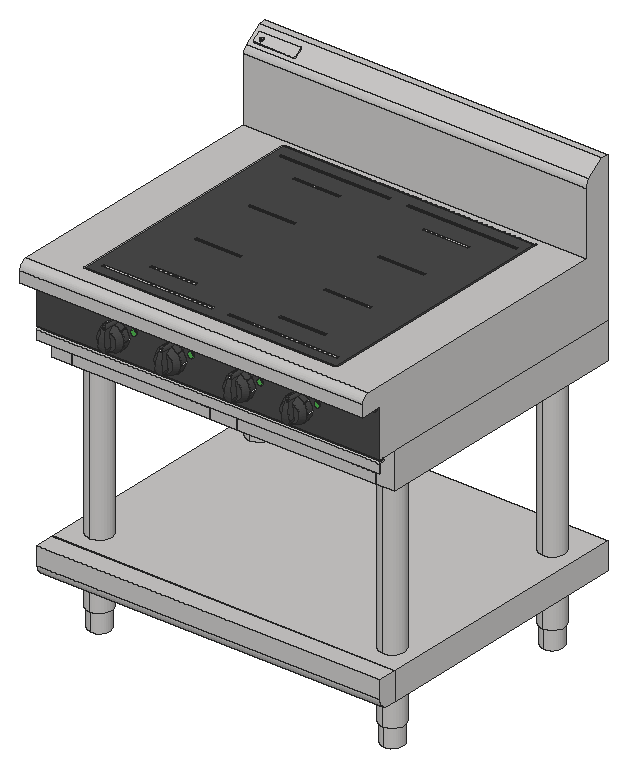
Revit family "QF_Moffat_INB8400F-LS_Induction_Cooktop_cat", category Specialty Equipment, Revit 2019 (continued)
Definition of nested family "QF_LOGO_Waldorf"
  Automatic sketch dimensions
    Split face 1 sketch curve to Split face 1 sketch curve = 9.486 mm
    Split face 1 sketch curve to Split face 1 sketch curve = 16.213 mm
    Split face 1 sketch curve to Split face 1 sketch curve = 3.48 mm
    Split face 1 sketch curve to Split face 1 sketch curve = 4.918 mm
    Split face 1 sketch curve to Split face 1 sketch curve = 7.609 mm
    Split face 1 sketch curve to Split face 1 sketch curve = 0.01 mm  (x2)
    Split face 1 sketch curve to Split face 1 sketch curve = 0.002 mm
    Split face 2 sketch curve to Extrusion 1 = 11.169 mm
    Extrusion 1 to Split face 2 sketch curve = 25.647 mm
    Split face 2 sketch curve to Split face 2 sketch curve = 3.72 mm
    Split face 2 sketch curve to Extrusion 1 = 11.965 mm
    Split face 2 sketch curve to Split face 2 sketch curve = 0.371 mm
    Split face 2 sketch curve to Extrusion 1 = 6.602 mm
    Split face 2 sketch curve to Split face 2 sketch curve = 2.689 mm
    Split face 2 sketch curve to Split face 2 sketch curve = 0.318 mm
    Split face 2 sketch curve to Split face 2 sketch curve = 3.729 mm
    Split face 2 sketch curve to Split face 2 sketch curve = 0.414 mm
    Split face 2 sketch curve to Split face 2 sketch curve = 0.875 mm
    Split face 2 sketch curve to Split face 2 sketch curve = 0.878 mm
    Split face 3 sketch curve to Extrusion 1 = 8.597 mm
    Extrusion 1 to Split face 3 sketch curve = 29.688 mm
    Split face 3 sketch curve to Extrusion 1 = 9.264 mm
    Split face 3 sketch curve to Split face 3 sketch curve = 2.326 mm
    Split face 4 sketch curve to Extrusion 1 = 5.728 mm
    Extrusion 1 to Split face 4 sketch curve = 38.08 mm
    Split face 4 sketch curve to Split face 4 sketch curve = 3.843 mm
    Split face 4 sketch curve to Extrusion 1 = 9.736 mm
    Split face 5 sketch curve to Extrusion 1 = 9.736 mm
    Split face 5 sketch curve to Extrusion 1 = 43.205 mm
    Split face 5 sketch curve to Extrusion 1 = 6.679 mm
    Split face 5 sketch curve to Split face 5 sketch curve = 0.342 mm
    Split face 5 sketch curve to Split face 5 sketch curve = 3.375 mm
    Split face 5 sketch curve to Split face 5 sketch curve = 0.952 mm
    Split face 5 sketch curve to Split face 5 sketch curve = 3.998 mm
    Split face 6 sketch curve to Extrusion 1 = 7.499 mm
    Split face 6 sketch curve to Extrusion 1 = 44.727 mm
    Split face 6 sketch curve to Split face 6 sketch curve = 2.07 mm
    Split face 7 sketch curve to Extrusion 1 = 5.305 mm
    Split face 7 sketch curve to Extrusion 1 = 32.551 mm
    Split face 7 sketch curve to Split face 7 sketch curve = 4.443 mm
    Split face 8 sketch curve to Extrusion 1 = 7.654 mm
    Split face 8 sketch curve to Extrusion 1 = 32.551 mm
    Split face 8 sketch curve to Split face 8 sketch curve = 2.095 mm
    Split face 9 sketch curve to Extrusion 1 = 5.728 mm
    Split face 9 sketch curve to Extrusion 1 = 25.521 mm
    Split face 9 sketch curve to Split face 9 sketch curve = 3.519 mm
    Split face 9 sketch curve to Split face 9 sketch curve = 0.315 mm
    Split face 9 sketch curve to Split face 9 sketch curve = 3.33 mm
    Split face 9 sketch curve to Split face 9 sketch curve = 3.248 mm
    Split face 9 sketch curve to Split face 9 sketch curve = 1.795 mm
    Split face 9 sketch curve to Split face 9 sketch curve = 3.36 mm
    Split face 9 sketch curve to Split face 9 sketch curve = 1.545 mm
    Split face 9 sketch curve to Split face 9 sketch curve = 0.233 mm
    Split face 10 sketch curve to Extrusion 1 = 18.106 mm
    Split face 10 sketch curve to Split face 10 sketch curve = 1.188 mm  (x2)
    Split face 10 sketch curve to Split face 10 sketch curve = 3.285 mm
    Split face 10 sketch curve to Split face 10 sketch curve = 3.789 mm
    Split face 10 sketch curve to Split face 10 sketch curve = 0 mm  (x2)
    Split face 10 sketch curve to Split face 10 sketch curve = 1.629 mm
    Split face 10 sketch curve to Split face 10 sketch curve = 2.133 mm
    Split face 10 sketch curve to Extrusion 1 = 5.728 mm
    Split face 10 sketch curve to Split face 10 sketch curve = 6.245 mm
    Split face 10 sketch curve to Split face 10 sketch curve = 1.907 mm  (x2)
    Split face 10 sketch curve to Split face 10 sketch curve = 1.197 mm
    Split face 10 sketch curve to Split face 10 sketch curve = 2.19 mm
Definition of nested family "Knob"
  Parameters (values of type "Knob")
    Weight in Pounds = 0
    URL Cutsheet = ""
    Specification by User = ""
    Specification by Manufacturer = ""
    Serial Number = ""
    Seismic Rating = ""
    SMACNA No = ""
    Revision Code = ""
    NAFEM Spec ID Number = ""
    Masterspec = ""
    Length = 65 mm
    Item Number = ""
    Installed By = ""
    Identify Quantity as Lot = yes
    Height = 69.5 mm
    Furnished By = ""
    Foodservice Equipment Identifier = yes
    Depth = 59 mm
    CSI MasterFormat = ""
  Reference planes
    plane 1 "BACK": y = 0
    plane 2: z = 0
    plane 3 "LEFT": x = 0
    plane 4 "RIGHT": x = 65
    plane 5 "FRONT": y = -59
    plane 6 "TOP": z = 69.5
    plane 7 "Center Y": x = 32.5
    plane 8 "Center X": y = -29.5
  Forms (mm)
    Revolve 1, solid
      sketch origin (32.5, 175.397, 1219.2) x (0, 1, 0) y (0, 0, 1)
        loop
          line (-175.397, -1186.7) -> (-219.397, -1186.7) -> (-219.397, -1211.501) -> (-202.106, -1219.2) -> (-185.397, -1219.2) -> (-185.397, -1191.7) -> (-175.397, -1191.7) -> (-175.397, -1186.7)
        axis (-219.397, -1186.7) -> (-175.397, -1186.7)
      angle from 0 to 360
    Extrusion 2, solid
      sketch origin (32.5, 175.397, 1219.2) x (0, 1, 0) y (0, 0, 1)
        loop
          line (-202.106, -1154.2) -> (-185.397, -1154.2) -> (-185.397, -1149.7) -> (-224.105, -1149.7)
          arc (-224.105, -1149.7) -> (-233.965, -1178.467) -> (-230.696, -1208.7) r 70
          line (-230.696, -1208.7) -> (-219.397, -1208.7) -> (-219.397, -1161.899) -> (-202.106, -1154.2)
      from -15 to 15
    Extrusion 3, void
      sketch origin (0, 0, 0) x (1, 0, 0) y (0, 0, 1)
        loop
          line (27.501, 64.613) -> (22.02, 20.585)
          arc (22.02, 20.585) -> (32.792, 10.488) -> (42.986, 21.169) r 10.487
          line (42.986, 21.169) -> (37.499, 64.613)
          arc (37.499, 64.613) -> (32.5, 69.5) -> (27.501, 64.613) r 5
        loop
          line (10, 72.977) -> (10, 5.625) -> (55, 5.625) -> (55, 72.977) -> (10, 72.977)
      from 6.142 to 69.687
    Extrusion 4, solid
      sketch origin (0, -34.115, -16.916) x (1, 0, 0) y (0, 0.45399, 0.891007)
        loop
          circle (32.497, 65) r 2
      from 51.525 to 53.075
    Extrusion 5, solid
      sketch origin (32.5, -10, 32.5) x (0, 0, -1) y (-1, 0, 0)
        loop
          line (-23.54, -22.408) -> (-24.106, -22.974)
          arc (-24.106, -22.974) -> (-23.547, -23.547) -> (-22.974, -24.106) r 33.3
          line (-22.974, -24.106) -> (-22.408, -23.54)
          arc (-22.408, -23.54) -> (-22.981, -22.981) -> (-23.54, -22.408) r 32.5
        loop
          arc (-0.8, -33.29) -> (0, -33.3) -> (0.8, -33.29) r 33.3
          line (0.8, -33.29) -> (0.8, -32.49)
          arc (0.8, -32.49) -> (0, -32.5) -> (-0.8, -32.49) r 32.5
          line (-0.8, -32.49) -> (-0.8, -33.29)
        loop
          arc (23.54, -22.408) -> (22.981, -22.981) -> (22.408, -23.54) r 32.5
          line (22.408, -23.54) -> (22.974, -24.106)
          arc (22.974, -24.106) -> (23.547, -23.547) -> (24.106, -22.974) r 33.3
          line (24.106, -22.974) -> (23.54, -22.408)
        loop
          arc (-23.54, 22.408) -> (-22.981, 22.981) -> (-22.408, 23.54) r 32.5
          line (-22.408, 23.54) -> (-22.974, 24.106)
          arc (-22.974, 24.106) -> (-23.547, 23.547) -> (-24.106, 22.974) r 33.3
          line (-24.106, 22.974) -> (-23.54, 22.408)
        loop
          line (-0.8, 33.29) -> (-0.8, 32.49)
          arc (-0.8, 32.49) -> (0, 32.5) -> (0.8, 32.49) r 32.5
          line (0.8, 32.49) -> (0.8, 33.29)
          arc (0.8, 33.29) -> (0, 33.3) -> (-0.8, 33.29) r 33.3
        loop
          line (32.49, -0.8) -> (33.29, -0.8)
          arc (33.29, -0.8) -> (33.3, 0) -> (33.29, 0.8) r 33.3
          line (33.29, 0.8) -> (32.49, 0.8)
          arc (32.49, 0.8) -> (32.5, 0) -> (32.49, -0.8) r 32.5
        loop
          arc (24.106, 22.974) -> (23.547, 23.547) -> (22.974, 24.106) r 33.3
          line (22.974, 24.106) -> (22.408, 23.54)
          arc (22.408, 23.54) -> (22.981, 22.981) -> (23.54, 22.408) r 32.5
          line (23.54, 22.408) -> (24.106, 22.974)
      from 0 to -16.709
  Cuts and joins
    Extrusion 3 cuts Extrusion 2
  Dimensions and locks
    equal spacing: plane 3 "LEFT", plane 7 "Center Y", plane 4 "RIGHT"
    "Length": plane 3 "LEFT" to plane 4 "RIGHT"
    equal spacing: plane 5 "FRONT", plane 8 "Center X", plane 1 "BACK"
    "Depth": plane 5 "FRONT" to plane 1 "BACK"
    "Height": plane 6 "TOP" to level
    plane 4 "RIGHT" to plane 3 "LEFT" = 65 mm
    aligned and locked: level to plane 2
  Automatic sketch dimensions
    Revolve 1 sketch curve to level = 0 mm
    Revolve 1 sketch curve to plane 1 "BACK" = 0 mm  (x2)
    plane 1 "BACK" to Revolve 1 sketch curve = 10 mm
    plane 8 "Center X" to Revolve 1 sketch curve = 2.791 mm
    Revolve 1 sketch curve to plane 8 "Center X" = 14.5 mm
    level to Revolve 1 sketch curve = 7.699 mm
    level to Revolve 1 sketch curve = 27.5 mm
    Revolve 1 sketch curve to Revolve 1 sketch curve = 5 mm
    Revolve 1 sketch curve to Revolve 1 sketch curve = 35 mm
    Revolve 1 sketch curve to Revolve 1 sketch curve = 0 mm
    Extrusion 2 sketch curve to plane 6 "TOP" = 0 mm
    Extrusion 2 sketch curve to plane 5 "FRONT" = 3.702 mm
    Extrusion 2 sketch curve to plane 5 "FRONT" = 10.293 mm
    Extrusion 2 sketch curve to Extrusion 2 sketch curve = 11.298 mm
    plane 8 "Center X" to Extrusion 2 sketch curve = 2.791 mm
    plane 1 "BACK" to Extrusion 2 sketch curve = 10 mm
    Extrusion 2 sketch curve to plane 1 "BACK" = 11 mm
    Extrusion 2 sketch curve to plane 6 "TOP" = 4.5 mm
    Extrusion 2 sketch curve to plane 6 "TOP" = 12.199 mm
    level to Extrusion 2 sketch curve = 32.962 mm
    level to Extrusion 3 sketch curve = 5.625 mm
    Extrusion 3 sketch curve to plane 7 "Center Y" = 0 mm  (x2)
    Extrusion 3 sketch curve to plane 7 "Center Y" = 4.999 mm
    Extrusion 3 sketch curve to plane 7 "Center Y" = 10.48 mm
    plane 6 "TOP" to Extrusion 3 sketch curve = 3.477 mm
    plane 3 "LEFT" to Extrusion 3 sketch curve = 10 mm
    Extrusion 3 sketch curve to plane 6 "TOP" = 4.887 mm
    Extrusion 3 sketch curve to Extrusion 3 sketch curve = 4.999 mm
    plane 7 "Center Y" to Extrusion 3 sketch curve = 10.486 mm
    level to Extrusion 3 sketch curve = 20.585 mm
    Extrusion 3 sketch curve to Extrusion 3 sketch curve = 0.387 mm
    Extrusion 3 sketch curve to Extrusion 3 sketch curve = 0.113 mm
    plane 4 "RIGHT" to Extrusion 3 sketch curve = 10 mm
    Extrusion 5 sketch curve to Revolve 1 = 32.49 mm
    Revolve 1 to Extrusion 5 sketch curve = 32.49 mm
    Extrusion 5 sketch curve to Revolve 1 = 23.54 mm  (x2)
    Revolve 1 to Extrusion 5 sketch curve = 23.54 mm  (x2)
    Extrusion 5 sketch curve to Revolve 1 = 24.106 mm  (x2)
    Revolve 1 to Extrusion 5 sketch curve = 24.106 mm  (x2)
    Revolve 1 to Extrusion 5 sketch curve = 22.408 mm  (x2)
    Extrusion 5 sketch curve to Revolve 1 = 22.408 mm  (x2)
    Revolve 1 to Extrusion 5 sketch curve = 22.974 mm  (x2)
    Extrusion 5 sketch curve to Revolve 1 = 22.974 mm  (x2)
    Extrusion 5 sketch curve to Extrusion 5 sketch curve = 1.6 mm  (x2)
    Revolve 1 to Extrusion 5 sketch curve = 0.8 mm
    Extrusion 5 sketch curve to Revolve 1 = 0.8 mm
    Extrusion 4 sketch curve to plane 7 "Center Y" = 0.003 mm
    radius of Extrusion 5 sketch curve to Revolve 1 = 0 mm  (x7)
    radius of Revolve 1 to Extrusion 5 sketch curve = 0.8 mm  (x7)
    radius of Extrusion 4 sketch curve = 2 mm
Types (2, lengths in mm): name | Volts | Cycle
  INB8400F-LS_415/60/3 | 415 V | 60 Hz
  INB8400F-LS_400/50/3 | 400 V | 50 Hz
